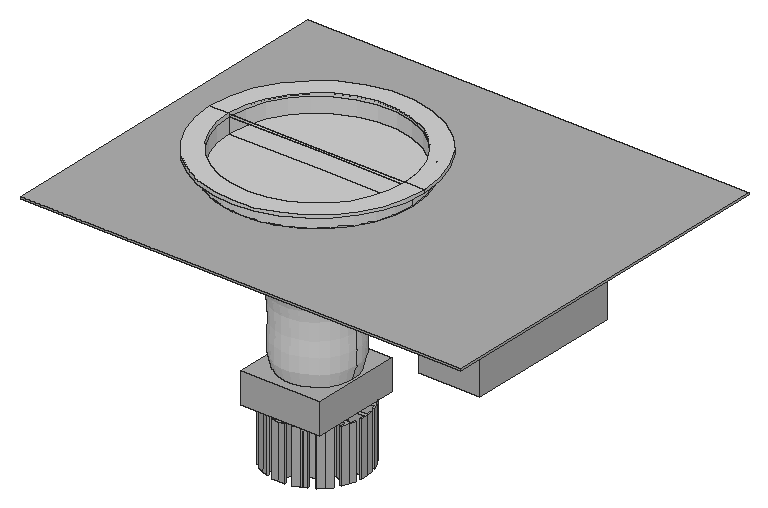
Revit family "LF6ALED", category Lighting Fixtures, host Face, Revit 2014
Parameters (values of type "LFA6ML")
  Wattage Comments = "32.7W"
  Wattage = 18.8 W
  Warranty = "5 year warranty"
  built-in parameter 1150110 = 1 (stored number, unit not read)
  Voltage = 120 V
  URL = "http://www.prescolite.com/"
  built-in parameter 1114217 = 1 (stored number, unit not read)
  Tilt Angle = -90.00°  # constant formula
  built-in parameter 1150109 = 1 (stored number, unit not read)
  built-in parameter 1150134 = (empty or 0)
  built-in parameter 1150113 = 1 (stored number, unit not read)
  Load Classification = Lighting
  Housing = Hubbell - Steel
  Product Page URL = "https://www.hubbell.com/hubbelllightingci/en/Products/Lighting-Controls/Commercial-Indoor-Lighting/Recessed-Downlights/LFA6/p/212994"
  Product Documentation Link = "https://hubbellcdn.com/specsheet/lfr_led_053.pdf"
  Photometric Web Link = "https://www.hubbell.com/hubbelllightingci/en/Products/Lighting-Controls/Commercial-Indoor-Lighting/Recessed-Downlights/LFA6/p/212994#prod-resources-section"
  Photometric Web File = "LFA6SL-6LFASL15L30K8WFL45.IES"
  Model = "LFA6ML"  # constant formula
  Manufacturer = "Prescolite"  # constant formula
  built-in parameter 1150105 = 222.23 (stored number, unit not read)
  Lumens = 2792.59 lm
  built-in parameter 1150115 = 1 (stored number, unit not read)
  built-in parameter 1150137 = (empty or 0)
  built-in parameter 1150139 = (empty or 0)
  built-in parameter 1150112 = 1 (stored number, unit not read)
  built-in parameter 1150114 = 1 (stored number, unit not read)
  Lamp = "LED"
  Input Power = 32.7 W
  built-in parameter 1150132 = (empty or 0)
  built-in parameter 1150102 = (empty or 0)
  built-in parameter 1150107 = 3000 (stored number, unit not read)
  built-in parameter 1150138 = (empty or 0)
  built-in parameter 1150106 = 2.2223 (stored number, unit not read)
  Glass = Hubbell - White Glass
  Features = "Light Engine utilizes Philips Fortimo LED module and provides controlled color consistency\r\nAll trims feature 35º vertical aiming and 362º rotational aiming\r\nUniversal 120-277V high efficiency LED driver with 0-10V dimming standard\r\n67 Lumens per watt delivered\r\nGlare free optical control\r\nShipped with pre-installed light commercial bar hangers. (see below for optional Commercial grade bar hangers)\r\nMinimum 50,000 hours at 70% lumen maintenance\r\nPhotometrics tested per IESNA-LM-79-2008 standards"
  Emit from Circle Diameter = 7.000"  # constant formula
  Emit Shape Visible in Rendering = no
  built-in parameter 1150104 = 13.8 (stored number, unit not read)
  Dimming Lamp Color Temperature Shift = <None>
  Description = "6in Adjustable Luminaire"  # constant formula
  Default Elevation = 48.000"
  Contact us = "https://www.hubbell.com/hubbelllightingci/en/contactUs?productId=212994"
  Color Filter = 16777215
  Certifications = "CSA certified to US and Canadian safety standards.\r\nSuitable for damp locations. Approved for through\r\nwiring. Non-IC rated"
  built-in parameter 1114218 = 1 (stored number, unit not read)
  Reflector = Hubbell - Aluminum
  built-in parameter 1150133 = 10 (stored number, unit not read)
  Apparent Load = 0 VA
Reference planes (in)
  plane 1 "Center (Front/Back)": y = 0.03999
  plane 2: z = 0
  plane 3 "Center (Left/Right)": x = -8.24832
  plane 4: x = -13.24832
  plane 5: x = 1.12668
  plane 6: y = -5.83501
  plane 7: y = 5.91499
  plane 8: z = -7.25
  plane 9: z = -3
  plane 10: z = -3.5
  plane 11: z = -9
  plane 12: z = -0.5
  plane 13: z = -0.56
  plane 14: z = -1.31
  plane 15: z = -6.25
  plane 16: z = 0.225
Forms (in)
  Extrusion 1, solid, material "Hubbell - Steel" <- "Housing"
    sketch origin (0, 0, 0) x (1, 0, 0) y (0, 1, 0)
      loop
        line (-13.24832, 5.91499) -> (-13.24832, -5.83501) -> (1.12668, -5.83501) -> (1.12668, 5.91499) -> (-13.24832, 5.91499)
    from -0.5 to -0.56
  Extrusion 2, solid, material "Hubbell - Steel" <- "Housing"
    sketch origin (0, 0, 0) x (1, 0, 0) y (0, 1, 0)
      loop
        circle (-8.24832, 0.03999) r 1
    from -7.25 to -9
  Extrusion 3, solid, material "Hubbell - Steel" <- "Housing"
    sketch origin (0, 0, 0) x (1, 0, 0) y (0, 1, 0)
      loop
        line (-9.56992, 1.51571) -> (-9.56992, -1.43573) -> (-6.99832, -1.43573) -> (-6.99832, 1.51571) -> (-9.56992, 1.51571)
    from -6.25 to -7.25
  Revolve 4, solid, material "Hubbell - Aluminum" <- "Reflector"
    sketch origin (0, 0.03999, 0) x (1, 0, 0) y (0, 0, 1)
      loop
        line (-8.24832, -0.5) -> (-11.37281, -0.5)
        spline (-11.37281, -0.5) -> (-11.13647, -1.30728) -> (-10.81276, -1.88702) -> (-10.47208, -2.35458) -> (-10.17278, -2.79426) -> (-9.93462, -3.19089) -> (-9.76869, -3.51159) -> (-9.66437, -3.77179) -> (-9.59004, -4.03432) -> (-9.5349, -4.37746) -> (-9.52619, -4.9031) -> (-9.54598, -5.62268) -> (-9.41914, -6.25)
        line (-9.41914, -6.25) -> (-8.24832, -6.25) -> (-8.24832, -0.5)
      axis (-8.24832, -0.5) -> (-8.24832, -6.25)
    angle from 0 to 360
  Revolve 5, solid, material "Hubbell - Aluminum" <- "Reflector"
    sketch origin (0, 0.03999, 0) x (1, 0, 0) y (0, 0, 1)
      loop
        line (-11.12332, 0) -> (-11.12332, 0.1) -> (-11.74832, 0.1) -> (-11.74832, 0) -> (-11.37332, 0) -> (-11.37332, -0.5) -> (-11.12332, -0.5) -> (-11.12332, 0)
      axis (-8.24832, 0.1) -> (-8.24832, -0.5)
    angle from 0 to 360
  Revolve 6, void
    sketch origin (0, 0.03999, 0) x (1, 0, 0) y (0, 0, 1)
      loop
        line (-8.24832, -1.31) -> (-8.24832, 0) -> (-11.37595, 0) -> (-11.37595, -1.31) -> (-11.12332, -1.31) -> (-8.24832, -1.31)
      axis (-8.24832, 0) -> (-8.24832, -1.31)
    angle from 0 to 360
  Extrusion 7, solid, material "Hubbell - Steel" <- "Housing"
    sketch origin (0, 0, 0) x (1, 0, 0) y (0, 1, 0)
      loop
        line (-2.9049, 2.66499) -> (-2.9049, -2.49278) -> (-0.9049, -2.49278) -> (-0.9049, 2.66499) -> (-2.9049, 2.66499)
    from -3.5 to -0.56
  Revolve 8, solid, material "Hubbell - White Glass" <- "Glass"
    sketch origin (0, 0.03999, 0) x (1, 0, 0) y (0, 0, 1)
      loop
        line (-11.12332, 0.06866) -> (-11.12332, 0) -> (-8.24832, 0) -> (-8.24832, 0.06866) -> (-11.12332, 0.06866)
      axis (-8.24832, 0.06866) -> (-8.24832, 0)
    angle from 0 to 360
  Extrusion 9, solid, material "Hubbell - Steel" <- "Housing"
    sketch origin (-174.49226, 69.69025, -3.5) x (0.34202, 0.939693, 0) y (-0.939693, 0.34202, 0)
      loop
        line (-8.66043, -180.96899) -> (-8.66043, -181.52398) -> (-8.81108, -181.52398) -> (-8.81108, -181.57856) -> (-8.59106, -181.57856) -> (-8.37103, -181.57856) -> (-8.37103, -181.52398) -> (-8.52168, -181.52398) -> (-8.52168, -180.96899) -> (-8.66043, -180.96899)
    from -5.5 to -3.75
  Extrusion 10, solid, material "Hubbell - Steel" <- "Housing"
    sketch origin (-188.44903, -3.94884, -3.5) x (-0.069756, 0.997564, 0) y (-0.997564, -0.069756, 0)
      loop
        line (-8.66043, -180.96899) -> (-8.66043, -181.52398) -> (-8.81108, -181.52398) -> (-8.81108, -181.57856) -> (-8.59106, -181.57856) -> (-8.37103, -181.57856) -> (-8.37103, -181.52398) -> (-8.52168, -181.52398) -> (-8.52168, -180.96899) -> (-8.66043, -180.96899)
    from -5.5 to -3.75
  Extrusion 11, solid, material "Hubbell - Steel" <- "Housing"
    sketch origin (-171.24746, -76.89821, -3.5) x (-0.469472, 0.882948, 0) y (-0.882948, -0.469472, 0)
      loop
        line (-8.66043, -180.96899) -> (-8.66043, -181.52398) -> (-8.81108, -181.52398) -> (-8.81108, -181.57856) -> (-8.59106, -181.57856) -> (-8.37103, -181.57856) -> (-8.37103, -181.52398) -> (-8.52168, -181.52398) -> (-8.52168, -180.96899) -> (-8.66043, -180.96899)
    from -5.5 to -3.75
  Extrusion 12, solid, material "Hubbell - Steel" <- "Housing"
    sketch origin (-125.86186, -136.54428, -3.5) x (-0.788011, 0.615661, 0) y (-0.615661, -0.788011, 0)
      loop
        line (-8.66043, -180.96899) -> (-8.66043, -181.52398) -> (-8.81108, -181.52398) -> (-8.81108, -181.57856) -> (-8.59106, -181.57856) -> (-8.37103, -181.57856) -> (-8.37103, -181.52398) -> (-8.52168, -181.52398) -> (-8.52168, -180.96899) -> (-8.66043, -180.96899)
    from -5.5 to -3.75
  Extrusion 13, solid, material "Hubbell - Steel" <- "Housing"
    sketch origin (-60.1398, -172.57368, -3.5) x (-0.970296, 0.241922, 0) y (-0.241922, -0.970296, 0)
      loop
        line (-8.66043, -180.96899) -> (-8.66043, -181.52398) -> (-8.81108, -181.52398) -> (-8.81108, -181.57856) -> (-8.59106, -181.57856) -> (-8.37103, -181.57856) -> (-8.37103, -181.52398) -> (-8.52168, -181.52398) -> (-8.52168, -180.96899) -> (-8.66043, -180.96899)
    from -5.5 to -3.75
  Extrusion 14, solid, material "Hubbell - Steel" <- "Housing"
    sketch origin (14.55475, -178.75661, -3.5) x (-0.984808, -0.173648, 0) y (0.173648, -0.984808, 0)
      loop
        line (-8.66043, -180.96899) -> (-8.66043, -181.52398) -> (-8.81108, -181.52398) -> (-8.81108, -181.57856) -> (-8.59106, -181.57856) -> (-8.37103, -181.57856) -> (-8.37103, -181.52398) -> (-8.52168, -181.52398) -> (-8.52168, -180.96899) -> (-8.66043, -180.96899)
    from -5.5 to -3.75
  Extrusion 15, solid, material "Hubbell - Steel" <- "Housing"
    sketch origin (85.30645, -154.02398, -3.5) x (-0.829038, -0.559193, 0) y (0.559193, -0.829038, 0)
      loop
        line (-8.66043, -180.96899) -> (-8.66043, -181.52398) -> (-8.81108, -181.52398) -> (-8.81108, -181.57856) -> (-8.59106, -181.57856) -> (-8.37103, -181.57856) -> (-8.37103, -181.52398) -> (-8.52168, -181.52398) -> (-8.52168, -180.96899) -> (-8.66043, -180.96899)
    from -5.5 to -3.75
  Extrusion 16, solid, material "Hubbell - Steel" <- "Housing"
    sketch origin (139.88168, -102.6523, -3.5) x (-0.529919, -0.848048, 0) y (0.848048, -0.529919, 0)
      loop
        line (-8.66043, -180.96899) -> (-8.66043, -181.52398) -> (-8.81108, -181.52398) -> (-8.81108, -181.57856) -> (-8.59106, -181.57856) -> (-8.37103, -181.57856) -> (-8.37103, -181.52398) -> (-8.52168, -181.52398) -> (-8.52168, -180.96899) -> (-8.66043, -180.96899)
    from -5.5 to -3.75
  Extrusion 17, solid, material "Hubbell - Steel" <- "Housing"
    sketch origin (168.84389, -33.52418, -3.5) x (-0.139173, -0.990268, 0) y (0.990268, -0.139173, 0)
      loop
        line (-8.66043, -180.96899) -> (-8.66043, -181.52398) -> (-8.81108, -181.52398) -> (-8.81108, -181.57856) -> (-8.59106, -181.57856) -> (-8.37103, -181.57856) -> (-8.37103, -181.52398) -> (-8.52168, -181.52398) -> (-8.52168, -180.96899) -> (-8.66043, -180.96899)
    from -5.5 to -3.75
  Extrusion 18, solid, material "Hubbell - Steel" <- "Housing"
    sketch origin (167.18524, 41.40749, -3.5) x (0.275637, -0.961262, 0) y (0.961262, 0.275637, 0)
      loop
        line (-8.66043, -180.96899) -> (-8.66043, -181.52398) -> (-8.81108, -181.52398) -> (-8.81108, -181.57856) -> (-8.59106, -181.57856) -> (-8.37103, -181.57856) -> (-8.37103, -181.52398) -> (-8.52168, -181.52398) -> (-8.52168, -180.96899) -> (-8.66043, -180.96899)
    from -5.5 to -3.75
  Extrusion 19, solid, material "Hubbell - Steel" <- "Housing"
    sketch origin (135.19253, 109.18634, -3.5) x (0.642788, -0.766044, 0) y (0.766044, 0.642788, 0)
      loop
        line (-8.66043, -180.96899) -> (-8.66043, -181.52398) -> (-8.81108, -181.52398) -> (-8.81108, -181.57856) -> (-8.59106, -181.57856) -> (-8.37103, -181.57856) -> (-8.37103, -181.52398) -> (-8.52168, -181.52398) -> (-8.52168, -180.96899) -> (-8.66043, -180.96899)
    from -5.5 to -3.75
  Extrusion 20, solid, material "Hubbell - Steel" <- "Housing"
    sketch origin (78.3976, 158.09279, -3.5) x (0.898794, -0.438371, 0) y (0.438371, 0.898794, 0)
      loop
        line (-8.66043, -180.96899) -> (-8.66043, -181.52398) -> (-8.81108, -181.52398) -> (-8.81108, -181.57856) -> (-8.59106, -181.57856) -> (-8.37103, -181.57856) -> (-8.37103, -181.52398) -> (-8.52168, -181.52398) -> (-8.52168, -180.96899) -> (-8.66043, -180.96899)
    from -5.5 to -3.75
  Extrusion 21, solid, material "Hubbell - Steel" <- "Housing"
    sketch origin (6.6208, 179.67048, -3.5) x (0.999391, -0.034899, 0) y (0.034899, 0.999391, 0)
      loop
        line (-8.66043, -180.96899) -> (-8.66043, -181.52398) -> (-8.81108, -181.52398) -> (-8.81108, -181.57856) -> (-8.59106, -181.57856) -> (-8.37103, -181.57856) -> (-8.37103, -181.52398) -> (-8.52168, -181.52398) -> (-8.52168, -180.96899) -> (-8.66043, -180.96899)
    from -5.5 to -3.75
  Extrusion 22, solid, material "Hubbell - Steel" <- "Housing"
    sketch origin (-67.727, 170.18843, -3.5) x (0.927184, 0.374607, 0) y (-0.374607, 0.927184, 0)
      loop
        line (-8.66043, -180.96899) -> (-8.66043, -181.52398) -> (-8.81108, -181.52398) -> (-8.81108, -181.57856) -> (-8.59106, -181.57856) -> (-8.37103, -181.57856) -> (-8.37103, -181.52398) -> (-8.52168, -181.52398) -> (-8.52168, -180.96899) -> (-8.66043, -180.96899)
    from -5.5 to -3.75
  Extrusion 23, solid, material "Hubbell - Steel" <- "Housing"
    sketch origin (-131.79041, 131.28617, -3.5) x (0.694658, 0.71934, 0) y (-0.71934, 0.694658, 0)
      loop
        line (-8.66043, -180.96899) -> (-8.66043, -181.52398) -> (-8.81108, -181.52398) -> (-8.81108, -181.57856) -> (-8.59106, -181.57856) -> (-8.37103, -181.57856) -> (-8.37103, -181.52398) -> (-8.52168, -181.52398) -> (-8.52168, -180.96899) -> (-8.66043, -180.96899)
    from -5.5 to -3.75
Cuts and joins
  joined: Revolve 4, Revolve 5
  Revolve 6 cuts Extrusion 1
  joined: Extrusion 1, Extrusion 2, Extrusion 3, Extrusion 7, Extrusion 9
Dimensions and locks (in)
  equal spacing: plane 7, plane 1 "Center (Front/Back)", plane 6
  locked: plane 7 to plane 6 at 11.75
  plane 4 to plane 3 "Center (Left/Right)" = 5.000"
  Revolve 5 sketch curve to host face = 0.100"
  locked: Revolve 5 sketch curve to Revolve 5 sketch curve at 3.5
  locked: Revolve 5 sketch curve to Revolve 5 sketch curve at 2.875
  plane 8 to plane 11 = 1.750"
  plane 2 to plane 12 = 0.500"
  plane 12 to plane 13 = 0.060"
  locked: plane 2 to plane 11 at 9
  locked: plane 4 to plane 5 at 14.375
  aligned and locked: plane 2 to host face
  aligned and locked: level to host face
  aligned and locked: plane 4 to Extrusion 1 sketch curve
  aligned and locked: Extrusion 1 sketch curve to plane 5
  aligned and locked: Revolve 4 sketch curve to plane 3 "Center (Left/Right)"
  aligned and locked: Revolve 6 sketch curve to plane 3 "Center (Left/Right)"  (x2)
  aligned and locked: Revolve 8 sketch curve to plane 3 "Center (Left/Right)"  (x2)
  aligned and locked: Revolve 5 sketch curve to plane 3 "Center (Left/Right)"
  aligned and locked: cut or joined group of Revolve 4, Revolve 5 to plane 12
  aligned and locked: cut or joined group of Extrusion 1, Extrusion 2, Extrusion 3, Revolve 6, Extrusion 7, Extrusion 9 to plane 13
  aligned and locked: plane 14 to Revolve 6 sketch curve
  aligned and locked: Extrusion 7 to plane 10
  aligned and locked: Extrusion 2 to Extrusion 3
  aligned and locked: Extrusion 2 to plane 11
  aligned and locked: plane 8 to Extrusion 2
  aligned and locked: Extrusion 2 to Extrusion 9
  aligned and locked: plane 15 to Extrusion 3
  aligned and locked: plane 8 to Extrusion 10
  aligned and locked: Extrusion 1 sketch curve to plane 7
  aligned and locked: plane 6 to Extrusion 1 sketch curve
  aligned and locked: imposter light to plane 1 "Center (Front/Back)"
  aligned and locked: imposter light to plane 16
Automatic sketch dimensions
  host sketch curve to host sketch curve = 96.000"  (x2)
  plane 1 "Center (Front/Back)" to Extrusion 2 sketch curve = 0.000"
  Extrusion 2 sketch curve to plane 3 "Center (Left/Right)" = 0.000"
  Extrusion 7 sketch curve to plane 5 = 4.03157"
  Extrusion 7 sketch curve to Extrusion 7 sketch curve = 2.000"
  plane 1 "Center (Front/Back)" to Extrusion 7 sketch curve = 2.53277"
  Extrusion 7 sketch curve to plane 1 "Center (Front/Back)" = 2.625"
  Revolve 8 sketch curve to Revolve 8 sketch curve = 1.99601"
  Extrusion 9 sketch curve to Extrusion 9 sketch curve = 0.15066"  (x2)
  Extrusion 9 sketch curve to Extrusion 9 sketch curve = 0.05458"  (x2)
  Extrusion 9 sketch curve to Extrusion 9 sketch curve = 0.06937"
  Extrusion 9 sketch curve to Extrusion 9 sketch curve = 0.13875"
  Extrusion 9 sketch curve to Extrusion 9 sketch curve = 0.55499"
  Revolve 5 sketch curve to level = 0.000"
  Revolve 5 sketch curve to Revolve 5 sketch curve = 0.250"
  plane 9 to Revolve 5 sketch curve = 0.59192"
  level to Revolve 5 sketch curve = 2.66652"
  plane 4 to Revolve 8 sketch curve = 2.125"
  level to Revolve 8 sketch curve = 0.000"
  Revolve 8 sketch curve to Revolve 8 sketch curve = 0.06866"
  plane 12 to Revolve 5 sketch curve = 0.000"
  Revolve 8 sketch curve to plane 12 = 1.28381"
  Revolve 5 sketch curve to Revolve 5 sketch curve = 0.100"
  Revolve 6 sketch curve to level = 0.000"
  Revolve 6 sketch curve to Revolve 6 sketch curve = 2.875"
  Revolve 6 sketch curve to Revolve 6 sketch curve = 0.25263"
  plane 9 to Revolve 6 sketch curve = 0.60785"
  Revolve 6 sketch curve to Revolve 6 sketch curve = 1.51768"
  Extrusion 3 sketch curve to plane 3 "Center (Left/Right)" = 1.32159"
  plane 3 "Center (Left/Right)" to Extrusion 3 sketch curve = 1.250"
  plane 1 "Center (Front/Back)" to Extrusion 3 sketch curve = 1.47572"
  Extrusion 3 sketch curve to plane 1 "Center (Front/Back)" = 1.47572"
  Extrusion 10 sketch curve to Extrusion 10 sketch curve = 0.15066"  (x2)
  Extrusion 10 sketch curve to Extrusion 10 sketch curve = 0.05458"  (x2)
  Extrusion 10 sketch curve to Extrusion 10 sketch curve = 0.06937"
  Extrusion 10 sketch curve to Extrusion 10 sketch curve = 0.13875"
  Extrusion 10 sketch curve to Extrusion 10 sketch curve = 0.55499"
  Extrusion 11 sketch curve to Extrusion 11 sketch curve = 0.15066"  (x2)
  Extrusion 11 sketch curve to Extrusion 11 sketch curve = 0.05458"  (x2)
  Extrusion 11 sketch curve to Extrusion 11 sketch curve = 0.06937"
  Extrusion 11 sketch curve to Extrusion 11 sketch curve = 0.13875"
  Extrusion 11 sketch curve to Extrusion 11 sketch curve = 0.55499"
  Extrusion 12 sketch curve to Extrusion 12 sketch curve = 0.15066"  (x2)
  Extrusion 12 sketch curve to Extrusion 12 sketch curve = 0.05458"  (x2)
  Extrusion 12 sketch curve to Extrusion 12 sketch curve = 0.06937"
  Extrusion 12 sketch curve to Extrusion 12 sketch curve = 0.13875"
  Extrusion 12 sketch curve to Extrusion 12 sketch curve = 0.55499"
  Extrusion 13 sketch curve to Extrusion 13 sketch curve = 0.15066"  (x2)
  Extrusion 13 sketch curve to Extrusion 13 sketch curve = 0.05458"  (x2)
  Extrusion 13 sketch curve to Extrusion 13 sketch curve = 0.06937"
  Extrusion 13 sketch curve to Extrusion 13 sketch curve = 0.13875"
  Extrusion 13 sketch curve to Extrusion 13 sketch curve = 0.55499"
  Extrusion 14 sketch curve to Extrusion 14 sketch curve = 0.15066"  (x2)
  Extrusion 14 sketch curve to Extrusion 14 sketch curve = 0.05458"  (x2)
  Extrusion 14 sketch curve to Extrusion 14 sketch curve = 0.06937"
  Extrusion 14 sketch curve to Extrusion 14 sketch curve = 0.13875"
  Extrusion 14 sketch curve to Extrusion 14 sketch curve = 0.55499"
  Extrusion 15 sketch curve to Extrusion 15 sketch curve = 0.15066"  (x2)
  Extrusion 15 sketch curve to Extrusion 15 sketch curve = 0.05458"  (x2)
  Extrusion 15 sketch curve to Extrusion 15 sketch curve = 0.06937"
  Extrusion 15 sketch curve to Extrusion 15 sketch curve = 0.13875"
  Extrusion 15 sketch curve to Extrusion 15 sketch curve = 0.55499"
  Extrusion 16 sketch curve to Extrusion 16 sketch curve = 0.15066"  (x2)
  Extrusion 16 sketch curve to Extrusion 16 sketch curve = 0.05458"  (x2)
  Extrusion 16 sketch curve to Extrusion 16 sketch curve = 0.06937"
  Extrusion 16 sketch curve to Extrusion 16 sketch curve = 0.13875"
  Extrusion 16 sketch curve to Extrusion 16 sketch curve = 0.55499"
  Extrusion 17 sketch curve to Extrusion 17 sketch curve = 0.15066"  (x2)
  Extrusion 17 sketch curve to Extrusion 17 sketch curve = 0.05458"  (x2)
  Extrusion 17 sketch curve to Extrusion 17 sketch curve = 0.06937"
  Extrusion 17 sketch curve to Extrusion 17 sketch curve = 0.13875"
  Extrusion 17 sketch curve to Extrusion 17 sketch curve = 0.55499"
  Extrusion 18 sketch curve to Extrusion 18 sketch curve = 0.15066"  (x2)
  Extrusion 18 sketch curve to Extrusion 18 sketch curve = 0.05458"  (x2)
  Extrusion 18 sketch curve to Extrusion 18 sketch curve = 0.06937"
  Extrusion 18 sketch curve to Extrusion 18 sketch curve = 0.13875"
  Extrusion 18 sketch curve to Extrusion 18 sketch curve = 0.55499"
  Extrusion 19 sketch curve to Extrusion 19 sketch curve = 0.15066"  (x2)
  Extrusion 19 sketch curve to Extrusion 19 sketch curve = 0.05458"  (x2)
  Extrusion 19 sketch curve to Extrusion 19 sketch curve = 0.06937"
  Extrusion 19 sketch curve to Extrusion 19 sketch curve = 0.13875"
  Extrusion 19 sketch curve to Extrusion 19 sketch curve = 0.55499"
  Extrusion 20 sketch curve to Extrusion 20 sketch curve = 0.15066"  (x2)
  Extrusion 20 sketch curve to Extrusion 20 sketch curve = 0.05458"  (x2)
  Extrusion 20 sketch curve to Extrusion 20 sketch curve = 0.06937"
  Extrusion 20 sketch curve to Extrusion 20 sketch curve = 0.13875"
  Extrusion 20 sketch curve to Extrusion 20 sketch curve = 0.55499"
  Extrusion 21 sketch curve to Extrusion 21 sketch curve = 0.15066"  (x2)
  Extrusion 21 sketch curve to Extrusion 21 sketch curve = 0.05458"  (x2)
  Extrusion 21 sketch curve to Extrusion 21 sketch curve = 0.06937"
  Extrusion 21 sketch curve to Extrusion 21 sketch curve = 0.13875"
  Extrusion 21 sketch curve to Extrusion 21 sketch curve = 0.55499"
  Extrusion 22 sketch curve to Extrusion 22 sketch curve = 0.15066"  (x2)
  Extrusion 22 sketch curve to Extrusion 22 sketch curve = 0.05458"  (x2)
  Extrusion 22 sketch curve to Extrusion 22 sketch curve = 0.06937"
  Extrusion 22 sketch curve to Extrusion 22 sketch curve = 0.13875"
  Extrusion 22 sketch curve to Extrusion 22 sketch curve = 0.55499"
  Extrusion 23 sketch curve to Extrusion 23 sketch curve = 0.15066"  (x2)
  Extrusion 23 sketch curve to Extrusion 23 sketch curve = 0.05458"  (x2)
  Extrusion 23 sketch curve to Extrusion 23 sketch curve = 0.06937"
  Extrusion 23 sketch curve to Extrusion 23 sketch curve = 0.13875"
  Extrusion 23 sketch curve to Extrusion 23 sketch curve = 0.55499"
  Revolve 4 sketch curve to plane 12 = 0.000"
  Revolve 4 sketch curve to plane 15 = 0.000"
  Revolve 4 sketch curve to plane 3 "Center (Left/Right)" = 0.000"
  Revolve 4 sketch curve to plane 3 "Center (Left/Right)" = 1.17081"
  plane 4 to Revolve 4 sketch curve = 1.87551"
  plane 11 to Revolve 4 sketch curve = 0.87496"
  level to Revolve 4 sketch curve = 2.37496"
  plane 1 "Center (Front/Back)" to Extrusion 9 sketch curve = 0.73298"
  plane 3 "Center (Left/Right)" to Extrusion 9 sketch curve = 1.37053"
  radius of Extrusion 2 sketch curve = 1.000"
Connectors (in)
  electrical at (-1.9049, 0.08611, -3.5), driven by "Load Classification", driven by "Voltage", driven by "Apparent Load"
    settings: on cut or joined group of Extrusion 1, Extrusion 2, Extrusion 3, Revolve 6, Extrusion 7, Extrusion 9, index 1, voltage 120 V, apparent load 0 VA, apparent load phase1 0 VA, apparent load phase2 0 VA, apparent load phase3 0 VA, power factor 0.9, load classification "Lighting", number of poles 1, system type 30, power factor state 1, is connector primary yes, connector utility no, sub classification motor no, connector description "Lighting Connector"
